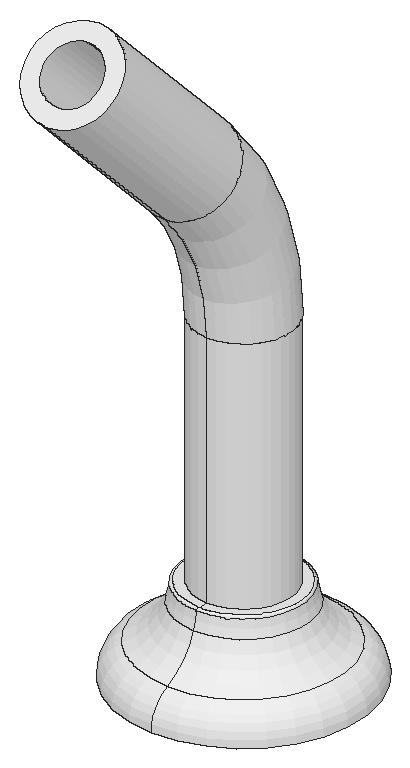
Revit family "Shower_Arm-Standard-American_Standard-1660.240_Series", category Plumbing Fixtures, host Face, Revit 2019
Family settings
  Host = Face
  Round Connector Dimension = Use Diameter
  Part Type = Normal
  OmniClass Number = 23.45.05.14.17
  OmniClass Title = Showers
  Cut with Voids When Loaded = No
  Shared = Yes
  Room Calculation Point = No
Parameters (values of type "1660.240.002")
  Width = 2"
  Water Connection Radius = 1/4"
  Water Connection Diameter = 1/2"
  Waste Connection = no
  WFU = 4
  Vent Connection = no
  URL = "https://www.americanstandard-us.com/"
  Type Comments = ""
  Revised Date = "05/12/2021"
  Product Page URL = "https://www.americanstandard-us.com/bathroom/shower-faucets/standard-shower-arm-16992"
  Product Documentation Link = "https://www.americanstandard-us.com/-/media/sites/asus/files/product-specs/bulk/specsheet1660240.pdf?la=en"
  Price = "Prices may vary. Please consult Manufacturer Representative for most up-to-date price list."  # constant formula
  Model = "1660.240.002"
  Material = "Brass-American Standard-002-Polished Chrome"
  Manufacturer = "American Standard"
  Length = 5 1/2"
  Installation Type = "Wall Mounted"  # constant formula
  HWFU = 3
  HW Connection = yes
  Finish = Brass-American Standard-002-Polished Chrome
  Description = "Standard Shower Arm"  # constant formula
  Default Elevation = 78"  # constant formula
  Creation Date = "01/25/2018"  # constant formula
  CWFU = 3
  CW Connection = yes
  Assembly Code = "D2010700"
Types (6): name | Model | Material | Finish
  (no name) | "1660.240.002" | "Brass-American Standard-002-Polished Chrome" | Brass-American Standard-002-Polished Chrome
  1660.240.002 | "1660.240.002" | "Brass-American Standard-002-Polished Chrome" | Brass-American Standard-002-Polished Chrome
  1660.240.224 | "1660.240.224" | "Brass-American Standard-224-Oil Rubbed Bronze" | Brass-American Standard-224-Oil Rubbed Bronze
  1660.240.295 | "1660.240.295" | "Brass-American Standard-295-Brushed Nickel" | Brass-American Standard-295-Brushed Nickel
  1660.240.013 | "1660.240.013" | "Brass-American Standard-013-Polished Nickel" | Brass-American Standard-013-Polished Nickel
  1660.240.278 | "1660.240.278" | "Brass-American Standard-278-Legacy Bronze" | Brass-American Standard-278-Legacy Bronze
Reference planes (in)
  plane 1 "Center (Front/Back)": y = 0
  plane 2: z = 0
  plane 3 "Center (Left/Right)": x = 0
  plane 4: z = 5.5
  plane 5: y = 0.25
  plane 6: y = -0.25
  plane 7: y = -1
  plane 8: y = 1
  plane 9: through (0, -1.85629, 5.5) normal (0, -0.7071, -0.7071)
Forms (in)
  Revolve 1, solid, material "Brass-American Standard-002-Polished Chrome" <- "Finish"
    sketch origin (0, 0, 0) x (0, 1, 0) y (0, 0, 1)
      loop
        line (0, 0) -> (0, 0.75) -> (-0.48483, 0.75)
        arc (-0.48483, 0.75) -> (-0.49942, 0.74433) -> (-0.50634, 0.7303) r 0.02158
        arc (-0.50634, 0.7303) -> (-0.5173, 0.65907) -> (-0.53747, 0.58989) r 0.55068
        arc (-0.53747, 0.58989) -> (-0.65105, 0.40544) -> (-0.82819, 0.28075) r 0.53787
        arc (-0.82819, 0.28075) -> (-0.95837, 0.16747) -> (-1, 0) r 0.28687
        line (-1, 0) -> (0, 0)
      axis (0, 0.75) -> (0, 0)
    angle from 0 to 360
  Sweep 2, solid, material "Brass-American Standard-002-Polished Chrome" <- "Finish"
    path origin (0, 0, 0) x (0, 1, 0) y (0, 0, 1)
      loop
        line (0, 0) -> (0, 2.81528)
        arc (0, 2.81528) -> (-0.15224, 3.58065) -> (-0.58579, 4.22949) r 2
        line (-0.58579, 4.22949) -> (-1.85629, 5.5)
    profile origin (0, 0, 1.40764) x (0, -1, 0) y (1, 0, 0)
      loop
        circle (0, 0) r 0.4
      loop
        circle (0, 0) r 0.25
Cuts and joins
  joined: Revolve 1, Sweep 2
Lines and regions (in)
  Masking region 1
    outline origin (0, 0, 0) x (1, 0, 0) y (0, 0, 1)
      loop
        spline (0.4, 5.5) -> (0.38637, 5.57321) -> (0.34641, 5.64142) -> (0.28284, 5.7) -> (0.2, 5.74495) -> (0.10353, 5.77321) -> (0, 5.78284) -> (-0.10353, 5.77321) -> (-0.2, 5.74495) -> (-0.28284, 5.7) -> (-0.34641, 5.64142) -> (-0.38637, 5.57321) -> (-0.4, 5.5)
        line (-0.4, 5.5) -> (-0.4, 0.75) -> (-0.50497, 0.75)
        arc (-0.50497, 0.75) -> (-0.57526, 0.50985) -> (-0.74317, 0.32431) r 0.5598
        arc (-0.74317, 0.32431) -> (-0.83892, 0.27469) -> (-0.91845, 0.20185) r 0.41061
        arc (-0.91845, 0.20185) -> (-0.97518, 0.10737) -> (-1, 0) r 0.35286
        line (-1, 0) -> (1, 0)
        arc (1, 0) -> (0.97518, 0.10737) -> (0.91845, 0.20185) r 0.35286
        arc (0.91845, 0.20185) -> (0.83892, 0.27469) -> (0.74317, 0.32431) r 0.41061
        arc (0.74317, 0.32431) -> (0.57526, 0.50985) -> (0.50497, 0.75) r 0.5598
        line (0.50497, 0.75) -> (0.4, 0.75) -> (0.4, 5.5)
  symbolic lines, detail levels medium+fine
    curve 1: line (0.4, 0, 0.75) -> (-0.4, 0, 0.75)
  symbolic lines, detail levels fine
    curve 2: line (0.74317, 0, 0.32431) -> (-0.75683, 0, 0.32431)
    curve 3: line (-0.91845, 0, 0.20185) -> (0.91845, 0, 0.20185)
Dimensions and locks (in)
  "Length": plane 2 to plane 4
  "Width": plane 8 to plane 7
  angle plane 9 to plane 1 "Center (Front/Back)" = 45.00°
  aligned and locked: plane 2 to host face
  aligned and locked: level to host face
  aligned and locked: Revolve 1 sketch curve to plane 1 "Center (Front/Back)"
Automatic sketch dimensions
  host sketch curve to host sketch curve = 96"  (x2)
  plane 4 to Sweep 2 sketch curve = 0"
  plane 9 to Sweep 2 sketch curve = 0"  (x2)
  Sweep 2 sketch curve to plane 1 "Center (Front/Back)" = 0"
  Sweep 2 sketch curve to level = 0"
  plane 7 to Sweep 2 sketch curve = 1"
  plane 6 to Sweep 2 sketch curve = 0.33579"
  Masking region 1 sketch curve to level = 0"
  Masking region 1 sketch curve to plane 4 = 0"
  Masking region 1 sketch curve to plane 3 "Center (Left/Right)" = 0"
  Masking region 1 sketch curve to Masking region 1 sketch curve = 0.4"
  Masking region 1 sketch curve to Masking region 1 sketch curve = 0.10497"  (x2)
  Masking region 1 sketch curve to level = 0.06191"  (x2)
  Masking region 1 sketch curve to plane 3 "Center (Left/Right)" = 0.60375"
  Masking region 1 sketch curve to level = 0.02481"  (x2)
  Masking region 1 sketch curve to Masking region 1 sketch curve = 0.04426"  (x2)
  Masking region 1 sketch curve to Masking region 1 sketch curve = 0.55881"  (x2)
  plane 3 "Center (Left/Right)" to Masking region 1 sketch curve = 0.60375"
  Masking region 1 sketch curve to Masking region 1 sketch curve = 0.35199"
  Masking region 1 sketch curve to Masking region 1 sketch curve = 0.54815"
  level to Masking region 1 sketch curve = 3/4"
  Masking region 1 sketch curve to Masking region 1 sketch curve = 0.0332"  (x2)
  level to Masking region 1 sketch curve = 0.32431"
  Masking region 1 sketch curve to Masking region 1 sketch curve = 0"
  Masking region 1 sketch curve to Masking region 1 sketch curve = 0.17528"
  level to curve 3 = 0.20185"
  curve 3 to plane 3 "Center (Left/Right)" = 0.91845"
  curve 3 to curve 2 = 0.16162"
  curve 1 to plane 3 "Center (Left/Right)" = 0.4"
  plane 3 "Center (Left/Right)" to curve 1 = 0.4"
  curve 1 to curve 2 = 0.34317"
  curve 2 to curve 3 = 0.17528"
  curve 3 to curve 2 = 0.12246"
  curve 2 to curve 1 = 0.42569"
  Revolve 1 sketch curve to level = 0"
  Revolve 1 sketch curve to plane 7 = 0"
  Revolve 1 sketch curve to plane 1 "Center (Front/Back)" = 0"
  plane 7 to Revolve 1 sketch curve = 0.04288"
  Revolve 1 sketch curve to Revolve 1 sketch curve = 0.01204"
  level to Revolve 1 sketch curve = 0.01773"
  Revolve 1 sketch curve to plane 7 = 0.28632"
  plane 6 to Revolve 1 sketch curve = 0.23483"
  level to Revolve 1 sketch curve = 0.72842"
  Revolve 1 sketch curve to Revolve 1 sketch curve = 0.02158"
  Revolve 1 sketch curve to Revolve 1 sketch curve = 0.02391"
  Revolve 1 sketch curve to Revolve 1 sketch curve = 0.00438"
  Revolve 1 sketch curve to Revolve 1 sketch curve = 0"  (x2)
  Revolve 1 sketch curve to level = 0.41882"
  Revolve 1 sketch curve to Revolve 1 sketch curve = 1.13483"
  Sweep 2 sketch curve to Sweep 2 sketch curve = 0"  (x2)
  Sweep 2 sketch curve to plane 3 "Center (Left/Right)" = 0"
  Sweep 2 sketch curve to profile plane = 0"
  radius of Sweep 2 sketch curve = 0.4"
  radius of Sweep 2 sketch curve = 1/4"
Connectors (in)
  piping at (0, 0, 0), diameter 0.5, driven by "Water Connection Diameter"
    settings: on cut or joined group of Revolve 1, Sweep 2, index 1, connector inside diameter 24", connector length 0", flow factor 0, pipe flow 0 GPM, pressure drop 0.00 psi, fitting loss kfactor 0, connector angle 0.00°, fixture units 0, engagement length 0", angle of deflection 0.00°, flow configuration 0, flow direction 1, fitting loss method 0, system type 29, joint type 0, gender type 0, connector reference index -1, connector utility 0, adjustable connector no, is connector primary yes, connector description "1/2\" NPT Inlet Connection"
